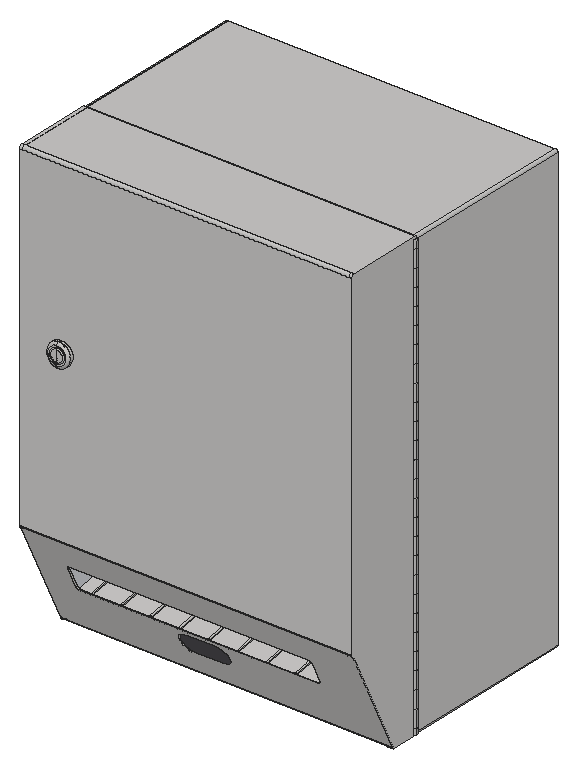
Revit family
Parameters (values of type "RODX630")
  URL = "http://www.franke.com/washroomsystems/main/en/home.html"
  Revised Date = "02/08/2012"
  Product URL = "http://www.franke.com/washroomsystems/main/en/home/our_products/bymodelrange/rodan/201/201-101/ag-rodx630/rodx630_detail.html"
  Phone # = "416.250.5656"
  Model = "RODX630"
  Material = Stainless Steel
  Manufacturer = "Franke Commercial Accessories"
  Designed By = "ATS BIM Team"
  Description = "Franke Commercial ‘RODAN’ #RODX630 Battery Powered ‘No Touch’ Rolled Paper Towel Dispenser Wall Mounted, 15-3/8” H x 11-7/16” W x 8-7/8” D (390mm x 290mm x 224mm), manufactured from 22 gauge (0.8mm), grade 18-10 type 304 stainless steel with # 4 satin finish. Standard Franke keyed cylinder lock, stub roll feature and mounting hardware. Maximum roll width of 8-1/4” (210mm), maximum diameter 8-11/16” (220mm). Adjustable paper lengths of 4” (100mm), 10” (250mm) and 11-13/16” (300mm) with the push of a button, located inside housing. Provide four (4) D alkaline batteries and adequate backing in wall for support and comply to local codes for barrier-free requirements."
  Assembly Code = "E1090"
Reference planes (in)
  plane 1 "Center (Front/Back)": y = 0
  plane 2: z = 0
  plane 3 "Center (Left/Right)": x = 0
  plane 4: y = -6.07596
  plane 5: z = 1.70608
  plane 6: x = -1
  plane 7: x = -3
  plane 8: x = -2
  plane 9: x = -3
  plane 10: x = -4
  plane 11: x = 1
  plane 12: x = 3
  plane 13: x = 2
  plane 14: x = 3
  plane 15: x = 4
  plane 16: x = -1
  plane 17: x = -2
  plane 18: x = -3
  plane 19: x = -4
  plane 20: x = 1
  plane 21: x = 2
  plane 22: x = 3
  plane 23: x = 4
  plane 24: x = 3.93701
Forms (in)
  Extrusion 1, solid, material "Stainless Steel" <- "Material"
    sketch origin (0, 0, 0) x (1, 0, 0) y (0, 0, 1)
      loop
        arc (5.61788, 0) -> (5.68206, 0.02644) -> (5.70866, 0.09055) r 0.09055
        line (5.70866, 0.09055) -> (5.70866, 15.26378)
        arc (5.70866, 15.26378) -> (5.68214, 15.32781) -> (5.61811, 15.35433) r 0.09055
        line (5.61811, 15.35433) -> (-5.61811, 15.35433)
        arc (-5.61811, 15.35433) -> (-5.68214, 15.32781) -> (-5.70866, 15.26378) r 0.09055
        line (-5.70866, 15.26378) -> (-5.70866, 0.09055)
        arc (-5.70866, 0.09055) -> (-5.68222, 0.0266) -> (-5.61834, 0) r 0.09055
        line (-5.61834, 0) -> (5.61788, 0)
      loop
        line (-5.61829, 0.03125) -> (5.61793, 0.03125)
        arc (5.61793, 0.03125) -> (5.65998, 0.04855) -> (5.67741, 0.09055) r 0.0593
        line (5.67741, 0.09055) -> (5.67741, 15.26378)
        arc (5.67741, 15.26378) -> (5.66004, 15.30571) -> (5.61811, 15.32308) r 0.0593
        line (5.61811, 15.32308) -> (-5.61811, 15.32308)
        arc (-5.61811, 15.32308) -> (-5.66004, 15.30571) -> (-5.67741, 15.26378) r 0.0593
        line (-5.67741, 15.26378) -> (-5.67741, 0.09055)
        arc (-5.67741, 0.09055) -> (-5.66011, 0.04868) -> (-5.61829, 0.03125) r 0.0593
    from 0 to 6.06299
  Extrusion 2, solid, material "Stainless Steel" <- "Material"
    sketch origin (0, 0, 0) x (0, 1, 0) y (0, 0, 1)
      loop
        line (-6.99701, 0) -> (-6.07596, 0) -> (-6.07596, 0.03125) -> (-6.99701, 0.03125)
        arc (-6.99701, 0.03125) -> (-7.0326, 0.04146) -> (-7.05738, 0.06898) r 0.06718
        line (-7.05738, 0.06898) -> (-8.78765, 3.61655) -> (-8.78765, 15.25591)
        arc (-8.78765, 15.25591) -> (-8.76797, 15.30341) -> (-8.72047, 15.32308) r 0.06718
        line (-8.72047, 15.32308) -> (-6.07596, 15.32308) -> (-6.07596, 15.35433) -> (-8.72047, 15.35433)
        arc (-8.72047, 15.35433) -> (-8.79007, 15.3255) -> (-8.8189, 15.25591) r 0.09843
        line (-8.8189, 15.25591) -> (-8.8189, 3.63205)
        arc (-8.8189, 3.63205) -> (-8.81638, 3.60991) -> (-8.80894, 3.58891) r 0.09843
        line (-8.80894, 3.58891) -> (-7.08547, 0.05528)
        arc (-7.08547, 0.05528) -> (-7.04916, 0.01496) -> (-6.99701, 0) r 0.09843
    from -5.61024 to 5.61024
  Extrusion 3, solid, material "Stainless Steel" <- "Material"
    sketch origin (0, 0, 0) x (0, 1, 0) y (0, 0, 1)
      loop
        arc (-7.08547, 0.05528) -> (-7.04916, 0.01496) -> (-6.99701, 0) r 0.09843
        line (-6.99701, 0) -> (-6.07596, 0) -> (-6.07596, 15.35433) -> (-8.72047, 15.35433)
        arc (-8.72047, 15.35433) -> (-8.79007, 15.3255) -> (-8.8189, 15.25591) r 0.09843
        line (-8.8189, 15.25591) -> (-8.8189, 3.63205)
        arc (-8.8189, 3.63205) -> (-8.81638, 3.60991) -> (-8.80894, 3.58891) r 0.09843
        line (-8.80894, 3.58891) -> (-7.08547, 0.05528)
    from 5.61024 to 5.70866
  Extrusion 4, solid, material "Stainless Steel" <- "Material"
    sketch origin (0, 0, 0) x (0, 1, 0) y (0, 0, -1)
      loop
        line (-7.08547, -0.05528) -> (-8.80894, -3.58891)
        arc (-8.80894, -3.58891) -> (-8.81638, -3.60991) -> (-8.8189, -3.63205) r 0.09843
        line (-8.8189, -3.63205) -> (-8.8189, -15.25591)
        arc (-8.8189, -15.25591) -> (-8.79007, -15.3255) -> (-8.72047, -15.35433) r 0.09843
        line (-8.72047, -15.35433) -> (-6.07596, -15.35433) -> (-6.07596, 0) -> (-6.99701, 0)
        arc (-6.99701, 0) -> (-7.04916, -0.01496) -> (-7.08547, -0.05528) r 0.09843
    from 5.61024 to 5.70866
  Extrusion 5, void
    sketch origin (0, 0, 0) x (1, 0, 0) y (0, 0, 1)
      loop
        spline (-4.37008, 2.6335) -> (-4.3855, 2.63259) -> (-4.40065, 2.62988) -> (-4.41528, 2.62542) -> (-4.42913, 2.61927) -> (-4.44198, 2.61156) -> (-4.4536, 2.6024) -> (-4.46378, 2.59196) -> (-4.47237, 2.58042) -> (-4.4792, 2.56796) -> (-4.48416, 2.55481) -> (-4.48718, 2.5412) -> (-4.48819, 2.52734)
        line (-4.48819, 2.52734) -> (-4.48819, 1.81224)
        spline (-4.48819, 1.81224) -> (-4.48718, 1.79838) -> (-4.48416, 1.78476) -> (-4.4792, 1.77161) -> (-4.47237, 1.75916) -> (-4.46378, 1.74761) -> (-4.4536, 1.73717) -> (-4.44198, 1.72802) -> (-4.42913, 1.7203) -> (-4.41528, 1.71416) -> (-4.40065, 1.7097) -> (-4.3855, 1.70699) -> (-4.37008, 1.70608)
        line (-4.37008, 1.70608) -> (3.8189, 1.70608)
        spline (3.8189, 1.70608) -> (3.83431, 1.70699) -> (3.84947, 1.7097) -> (3.8641, 1.71416) -> (3.87795, 1.7203) -> (3.8908, 1.72802) -> (3.90241, 1.73717) -> (3.9126, 1.74761) -> (3.92118, 1.75916) -> (3.92802, 1.77161) -> (3.93298, 1.78476) -> (3.936, 1.79838) -> (3.93701, 1.81224)
        line (3.93701, 1.81224) -> (3.93701, 2.52734)
        spline (3.93701, 2.52734) -> (3.936, 2.5412) -> (3.93298, 2.55481) -> (3.92802, 2.56796) -> (3.92118, 2.58042) -> (3.9126, 2.59196) -> (3.90241, 2.6024) -> (3.8908, 2.61156) -> (3.87795, 2.61927) -> (3.8641, 2.62542) -> (3.84947, 2.62988) -> (3.83431, 2.63259) -> (3.8189, 2.6335)
        line (3.8189, 2.6335) -> (-4.37008, 2.6335)
    from 7.16872 to 8.92323
  Extrusion 6, solid, material "Stainless Steel" <- "Material"
    sketch origin (0, 0, 0) x (0, 1, 0) y (0, 0, 1)
      loop
        line (-7.85537, 1.70508) -> (-7.82602, 1.64491)
        arc (-7.82602, 1.64491) -> (-6.92266, 1.86456) -> (-6.12208, 2.3372) r 3.16503
        line (-6.12208, 2.3372) -> (-6.16653, 2.38165)
        arc (-6.16653, 2.38165) -> (-6.96024, 1.91679) -> (-7.85537, 1.70508) r 3.10253
    from -5.6137 to 5.66651
  Sweep 7, solid, material "Stainless Steel" <- "Material"
    path origin (0, 0, 0) x (0, 1, 0) y (0, 0, 1)
      loop
        arc (-7.85123, 1.6966) -> (-6.96027, 1.9196) -> (-6.16653, 2.38165) r 3.26868
    profile origin (0, -7.85123, 1.6966) x (0, -0.104104, 0.994566) y (1, 0, 0)
      loop
        circle (0, 0) r 0.03125
      loop
        circle (0, 1) r 0.03125
      loop
        circle (0, 2) r 0.03125
      loop
        circle (0, 3) r 0.03125
      loop
        circle (0, -1) r 0.03125
      loop
        circle (0, -2) r 0.03125
      loop
        circle (0, -3) r 0.03125
      loop
        circle (0, -4) r 0.03125
  Extrusion 8, void
    sketch origin (0, 0, 0) x (1, 0, 0) y (0, 0, 1)
      loop
        spline (-0.76772, 1.57686) -> (-0.86961, 1.5648) -> (-0.96457, 1.52945) -> (-1.04611, 1.47322) -> (-1.10867, 1.39993) -> (-1.148, 1.31459) -> (-1.16142, 1.223) -> (-1.148, 1.13142) -> (-1.10867, 1.04608) -> (-1.04611, 0.97279) -> (-0.96457, 0.91655) -> (-0.86961, 0.8812) -> (-0.76772, 0.86915)
        line (-0.76772, 0.86915) -> (0.21654, 0.86915)
        spline (0.21654, 0.86915) -> (0.31843, 0.8812) -> (0.41339, 0.91655) -> (0.49492, 0.97279) -> (0.55749, 1.04608) -> (0.59682, 1.13142) -> (0.61024, 1.223) -> (0.59682, 1.31459) -> (0.55749, 1.39993) -> (0.49492, 1.47322) -> (0.41339, 1.52945) -> (0.31843, 1.5648) -> (0.21654, 1.57686)
        line (0.21654, 1.57686) -> (-0.76772, 1.57686)
    from 7.42576 to 7.84405
  Extrusion 9, solid, material "Sensor Material"
    sketch origin (0, 0, 0) x (0, 1, 0) y (0, 0, 1)
      loop
        line (-7.43164, 0.83632) -> (-7.36211, 0.83632) -> (-7.73235, 1.59543) -> (-7.80188, 1.59543) -> (-7.43164, 0.83632)
    from -1.25001 to 0.88224
  Extrusion 10, solid, material "Stainless Steel" <- "Material"
    sketch origin (0, 0, 0) x (1, 0, 0) y (0, 0, 1)
      loop
        arc (-5.61024, 15.32308) -> (-5.65504, 15.30613) -> (-5.67741, 15.26378) r 0.0677
        line (-5.67741, 15.26378) -> (-5.67741, 0.09055)
        arc (-5.67741, 0.09055) -> (-5.66013, 0.04871) -> (-5.61837, 0.03125) r 0.0593
        line (-5.61837, 0.03125) -> (5.61785, 0.03125)
        arc (5.61785, 0.03125) -> (5.65995, 0.04853) -> (5.67741, 0.09055) r 0.0593
        line (5.67741, 0.09055) -> (5.67741, 15.26378)
        arc (5.67741, 15.26378) -> (5.6572, 15.30858) -> (5.61024, 15.32308) r 0.05976
        line (5.61024, 15.32308) -> (-5.61024, 15.32308)
      loop
        arc (4.30393, 7.80495) -> (4.43223, 7.37029) -> (4.55988, 7.80514) r 0.23621
        line (4.55988, 7.80514) -> (4.55988, 8.19746)
        arc (4.55988, 8.19746) -> (4.43191, 8.32544) -> (4.30393, 8.19746) r 0.12798
        line (4.30393, 8.19746) -> (4.30393, 7.80495)
      loop
        arc (-4.35751, 7.80586) -> (-4.22921, 7.3712) -> (-4.10156, 7.80605) r 0.23621
        line (-4.10156, 7.80605) -> (-4.10156, 8.19837)
        arc (-4.10156, 8.19837) -> (-4.22953, 8.32634) -> (-4.35751, 8.19837) r 0.12798
        line (-4.35751, 8.19837) -> (-4.35751, 7.80586)
      loop
        arc (-4.35748, 13.71079) -> (-4.22918, 13.27614) -> (-4.10153, 13.71098) r 0.23621
        line (-4.10153, 13.71098) -> (-4.10153, 14.10331)
        arc (-4.10153, 14.10331) -> (-4.2295, 14.23128) -> (-4.35748, 14.10331) r 0.12798
        line (-4.35748, 14.10331) -> (-4.35748, 13.71079)
      loop
        arc (4.55988, 14.10272) -> (4.4319, 14.2307) -> (4.30392, 14.10272) r 0.12798
        line (4.30392, 14.10272) -> (4.30392, 13.71021)
        arc (4.30392, 13.71021) -> (4.43222, 13.27555) -> (4.55988, 13.7104) r 0.23621
        line (4.55988, 13.7104) -> (4.55988, 14.10272)
    from 0 to 0.09055
  Extrusion 11, solid
    sketch origin (-1.67885, 0, 0) x (0, 1, 0) y (0, 0, 1)
      loop
        line (-6.07596, 5.5625) -> (-8.7564, 5.5625) -> (-8.7564, 3.62376) -> (-7.0293, 0.08268)
        arc (-7.0293, 0.08268) -> (-7.01604, 0.06796) -> (-6.99701, 0.0625) r 0.03593
        line (-6.99701, 0.0625) -> (-6.07596, 0.0625) -> (-6.07596, 5.5625)
    from 5.61585 to 5.70866
  Extrusion 12, solid
    sketch origin (1.12583, 0, 0) x (0, 1, 0) y (0, 0, -1)
      loop
        line (-6.07596, -5.5625) -> (-6.07596, -0.0625) -> (-6.99701, -0.0625)
        arc (-6.99701, -0.0625) -> (-7.01604, -0.06796) -> (-7.0293, -0.08268) r 0.03593
        line (-7.0293, -0.08268) -> (-8.7564, -3.62376) -> (-8.7564, -5.5625) -> (-6.07596, -5.5625)
    from 5.61585 to 5.70866
  Revolve 13, solid, material "Stainless Steel" <- "Material"
    sketch origin (-4.29134, 0, 0) x (0, 1, 0) y (0, 0, 1)
      loop
        line (-9.02165, 9.44398) -> (-8.8189, 9.44398) -> (-8.8189, 9.8367) -> (-8.92323, 9.8367)
        arc (-8.92323, 9.8367) -> (-8.97891, 9.81363) -> (-9.00197, 9.75796) r 0.07874
        line (-9.00197, 9.75796) -> (-9.00197, 9.68871)
        arc (-9.00197, 9.68871) -> (-9.01638, 9.67429) -> (-9.02165, 9.65461) r 0.03937
        line (-9.02165, 9.65461) -> (-9.02165, 9.44398)
      axis (-9.02165, 9.44398) -> (-8.8189, 9.44398)
    angle from 0 to 360
  Extrusion 14, solid, material "Stainless Steel" <- "Material"
    sketch origin (0, 0, 0) x (1, 0, 0) y (0, 1, 0)
      loop
        circle (5.6811, -6.12598) r 0.09843
    from 15.04961 to 15.31218
  Extrusion 15, solid, material "Stainless Steel" <- "Material"
    sketch origin (0, 0, -0.26257) x (1, 0, 0) y (0, 1, 0)
      loop
        circle (5.6811, -6.12598) r 0.09843
    from 14.72163 to 15.31218
  Extrusion 16, solid, material "Stainless Steel" <- "Material"
    sketch origin (0, 0, -0.85312) x (1, 0, 0) y (0, 1, 0)
      loop
        circle (5.6811, -6.12598) r 0.09843
    from 14.72163 to 15.31218
  Extrusion 17, solid, material "Stainless Steel" <- "Material"
    sketch origin (0, 0, -1.44367) x (1, 0, 0) y (0, 1, 0)
      loop
        circle (5.6811, -6.12598) r 0.09843
    from 14.72163 to 15.31218
  Extrusion 18, solid, material "Stainless Steel" <- "Material"
    sketch origin (0, 0, -2.03422) x (1, 0, 0) y (0, 1, 0)
      loop
        circle (5.6811, -6.12598) r 0.09843
    from 14.72163 to 15.31218
  Extrusion 19, solid, material "Stainless Steel" <- "Material"
    sketch origin (0, 0, -2.62477) x (1, 0, 0) y (0, 1, 0)
      loop
        circle (5.6811, -6.12598) r 0.09843
    from 14.72163 to 15.31218
  Extrusion 20, solid, material "Stainless Steel" <- "Material"
    sketch origin (0, 0, -3.21533) x (1, 0, 0) y (0, 1, 0)
      loop
        circle (5.6811, -6.12598) r 0.09843
    from 14.72163 to 15.31218
  Extrusion 21, solid, material "Stainless Steel" <- "Material"
    sketch origin (0, 0, -3.80588) x (1, 0, 0) y (0, 1, 0)
      loop
        circle (5.6811, -6.12598) r 0.09843
    from 14.72163 to 15.31218
  Extrusion 22, solid, material "Stainless Steel" <- "Material"
    sketch origin (0, 0, -4.39643) x (1, 0, 0) y (0, 1, 0)
      loop
        circle (5.6811, -6.12598) r 0.09843
    from 14.72163 to 15.31218
  Extrusion 23, solid, material "Stainless Steel" <- "Material"
    sketch origin (0, 0, -4.98698) x (1, 0, 0) y (0, 1, 0)
      loop
        circle (5.6811, -6.12598) r 0.09843
    from 14.72163 to 15.31218
  Extrusion 24, solid, material "Stainless Steel" <- "Material"
    sketch origin (0, 0, -5.57753) x (1, 0, 0) y (0, 1, 0)
      loop
        circle (5.6811, -6.12598) r 0.09843
    from 14.72163 to 15.31218
  Extrusion 25, solid, material "Stainless Steel" <- "Material"
    sketch origin (0, 0, -6.16808) x (1, 0, 0) y (0, 1, 0)
      loop
        circle (5.6811, -6.12598) r 0.09843
    from 14.72163 to 15.31218
  Extrusion 26, solid, material "Stainless Steel" <- "Material"
    sketch origin (0, 0, -6.75863) x (1, 0, 0) y (0, 1, 0)
      loop
        circle (5.6811, -6.12598) r 0.09843
    from 14.72163 to 15.31218
  Extrusion 27, solid, material "Stainless Steel" <- "Material"
    sketch origin (0, 0, -7.34918) x (1, 0, 0) y (0, 1, 0)
      loop
        circle (5.6811, -6.12598) r 0.09843
    from 14.72163 to 15.31218
  Extrusion 28, solid, material "Stainless Steel" <- "Material"
    sketch origin (0, 0, -7.93973) x (1, 0, 0) y (0, 1, 0)
      loop
        circle (5.6811, -6.12598) r 0.09843
    from 14.72163 to 15.31218
  Extrusion 29, solid, material "Stainless Steel" <- "Material"
    sketch origin (0, 0, -8.53028) x (1, 0, 0) y (0, 1, 0)
      loop
        circle (5.6811, -6.12598) r 0.09843
    from 14.72163 to 15.31218
  Extrusion 30, solid, material "Stainless Steel" <- "Material"
    sketch origin (0, 0, -9.12083) x (1, 0, 0) y (0, 1, 0)
      loop
        circle (5.6811, -6.12598) r 0.09843
    from 14.72163 to 15.31218
  Extrusion 31, solid, material "Stainless Steel" <- "Material"
    sketch origin (0, 0, -9.71139) x (1, 0, 0) y (0, 1, 0)
      loop
        circle (5.6811, -6.12598) r 0.09843
    from 14.72163 to 15.31218
  Extrusion 32, solid, material "Stainless Steel" <- "Material"
    sketch origin (0, 0, -10.30194) x (1, 0, 0) y (0, 1, 0)
      loop
        circle (5.6811, -6.12598) r 0.09843
    from 14.72163 to 15.31218
  Extrusion 33, solid, material "Stainless Steel" <- "Material"
    sketch origin (0, 0, -10.89249) x (1, 0, 0) y (0, 1, 0)
      loop
        circle (5.6811, -6.12598) r 0.09843
    from 14.72163 to 15.31218
  Extrusion 34, solid, material "Stainless Steel" <- "Material"
    sketch origin (0, 0, -11.48304) x (1, 0, 0) y (0, 1, 0)
      loop
        circle (5.6811, -6.12598) r 0.09843
    from 14.72163 to 15.31218
  Extrusion 35, solid, material "Stainless Steel" <- "Material"
    sketch origin (0, 0, -12.07359) x (1, 0, 0) y (0, 1, 0)
      loop
        circle (5.6811, -6.12598) r 0.09843
    from 14.72163 to 15.31218
  Extrusion 36, solid, material "Stainless Steel" <- "Material"
    sketch origin (0, 0, -12.66414) x (1, 0, 0) y (0, 1, 0)
      loop
        circle (5.6811, -6.12598) r 0.09843
    from 14.72163 to 15.31218
  Extrusion 37, solid, material "Stainless Steel" <- "Material"
    sketch origin (0, 0, -13.25469) x (1, 0, 0) y (0, 1, 0)
      loop
        circle (5.6811, -6.12598) r 0.09843
    from 14.72163 to 15.31218
  Extrusion 38, solid, material "Stainless Steel" <- "Material"
    sketch origin (0, 0, -13.84524) x (1, 0, 0) y (0, 1, 0)
      loop
        circle (5.6811, -6.12598) r 0.09843
    from 14.72163 to 15.31218
  Extrusion 39, solid, material "Stainless Steel" <- "Material"
    sketch origin (0, 0, -14.43579) x (1, 0, 0) y (0, 1, 0)
      loop
        circle (5.6811, -6.12598) r 0.09843
    from 14.72163 to 15.31218
  Extrusion 40, solid, material "Stainless Steel" <- "Material"
    sketch origin (0, 0, -15.02634) x (1, 0, 0) y (0, 1, 0)
      loop
        circle (5.6811, -6.12598) r 0.09843
    from 15.08305 to 15.31218
Cuts and joins
  Extrusion 5, Extrusion 8 cuts Extrusion 1
  Extrusion 5, Extrusion 8 cuts Extrusion 2
  joined: Extrusion 2, Extrusion 3, Extrusion 4, Revolve 13
